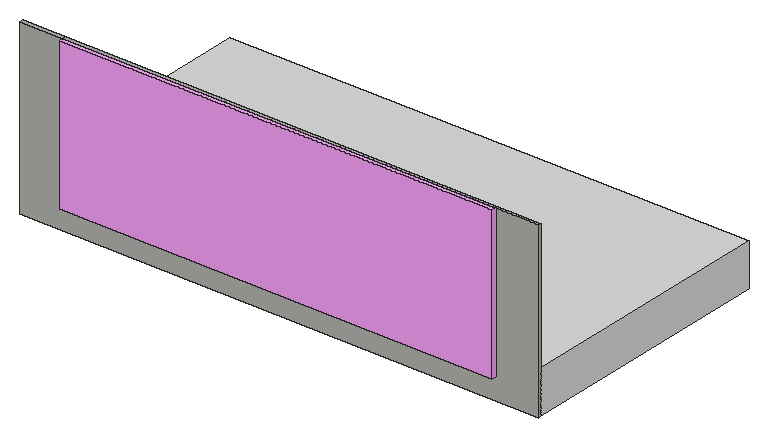
Revit family "Legalett_Akustikelement_L-Element", category Generic Models, Revit 2023
Family settings
  Can host rebar = No
  Round Connector Dimension = Use Diameter
  Part Type = Normal
  Work Plane-Based = No
  Always vertical = Yes
  Cut with Voids When Loaded = No
  Maintain Annotation Orientation = No
  Shared = No
  Room Calculation Point = No
Parameters (values of type "L-400")
  Type Comments = "23041"
  Model = "Akustikelement"
  Manufacturer = "Legalett"
  Hight = 400 mm
  Default Elevation = 0 mm
Types (4, lengths in mm): name | Hight
  (no name) | 400
  L-400 | 400
  L-450 | 450
  L-500 | 500
Reference planes
  plane 1 "Center (Front/Back)": y = 0
  plane 2: z = 0
  plane 3 "Center (Left/Right)": x = 0
  plane 4: z = 400
Forms (mm)
  Extrusion 1, solid, material "Fibercement"
    sketch origin (-183.031, 0, -90) x (1, 0, 0) y (0, 0, 1)
      loop
        line (783.031, 90) -> (783.031, 490) -> (-416.969, 490) -> (-416.969, 90) -> (783.031, 90)
    from 0 to 6
  Extrusion 2, solid, material "REC foam"
    sketch origin (-273.993, -6, -212.413) x (1, 0, 0) y (0, 0, 1)
      loop
        line (773.993, 262.413) -> (773.993, 612.413) -> (-226.007, 612.413) -> (-226.007, 262.413) -> (773.993, 262.413)
    from 0 to 10
  Extrusion 3, solid, material "EPS200"
    sketch origin (0, 140, 0) x (1, 0, 0) y (0, 1, 0)
      loop
        line (-600, -140) -> (600, -140) -> (600, 460) -> (-600, 460) -> (-600, -140)
    from 0 to 100
Dimensions and locks
  "Hight": level to plane 4
  aligned and locked: level to plane 2
  aligned and locked: Extrusion 1 to Extrusion 2
  aligned and locked: plane 4 to Extrusion 2
Automatic sketch dimensions
  level to Extrusion 1 sketch curve = 0 mm
  level to Extrusion 2 sketch curve = 50 mm
  Extrusion 1 sketch curve to plane 4 = 0 mm
  Extrusion 2 sketch curve to plane 4 = 0 mm
  plane 3 "Center (Left/Right)" to Extrusion 1 sketch curve = 600 mm
  plane 3 "Center (Left/Right)" to Extrusion 2 sketch curve = 500 mm
  Extrusion 1 sketch curve to plane 3 "Center (Left/Right)" = 600 mm
  Extrusion 2 sketch curve to plane 3 "Center (Left/Right)" = 500 mm
  Extrusion 3 sketch curve to plane 1 "Center (Front/Back)" = 0 mm
  Extrusion 3 sketch curve to plane 1 "Center (Front/Back)" = 600 mm
  Extrusion 3 sketch curve to plane 3 "Center (Left/Right)" = 600 mm
  plane 3 "Center (Left/Right)" to Extrusion 3 sketch curve = 600 mm
